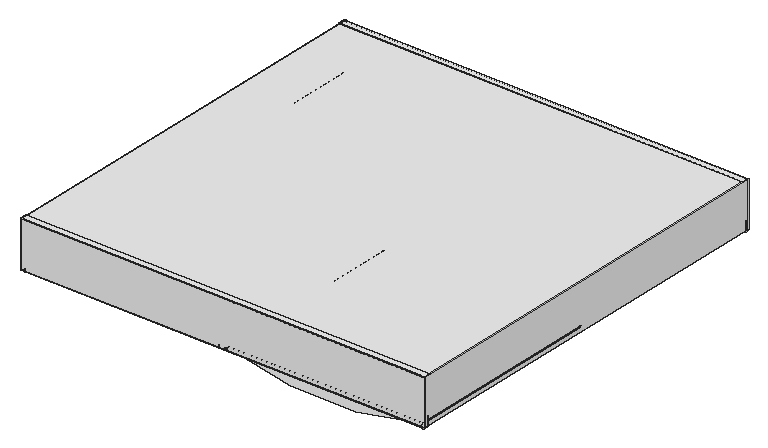
Revit family "WAVE4x4", category Lighting Fixtures, host Ceiling, Revit 2019
Family settings
  Host = Ceiling
  Round Connector Dimension = Use Diameter
  Part Type = Normal
  OmniClass Number = 23.80.70.11.14.17
  OmniClass Title = Direct/Indirect
  Always vertical = Yes
  Cut with Voids When Loaded = No
  Light Source = Yes
  Shared = No
  Room Calculation Point = No
Parameters (values of type "WAVEW4X4-LED840K140LUNV")
  Width = 3' - 11 3/4"
  Wattage = 101 W
  built-in parameter 1150110 = 1 (stored number, unit not read)
  Voltage = 120 V
  URL = "https://www.viscor.com/en/products/wave"
  built-in parameter 1114217 = 0.9 (stored number, unit not read)
  Tilt Angle = 90.00°
  built-in parameter 1150109 = 1 (stored number, unit not read)
  built-in parameter 1150134 = 12
  built-in parameter 1150113 = 1 (stored number, unit not read)
  Photometric Web File = "WAVEW4X4-LED840K140LUNV.ies"
  Model = "WAVE"  # constant formula
  Manufacturer = "VISIONEERING by VISCOR"  # constant formula
  Lumens = 14140 lm
  built-in parameter 1150115 = 1 (stored number, unit not read)
  built-in parameter 1150105 = 1125.2 (stored number, unit not read)
  built-in parameter 1150137 = (empty or 0)
  built-in parameter 1150139 = (empty or 0)
  Lens Finish = Acrylic - Viscor - Opal White Square
  Lens Depth = 0' - 0 7/32"
  Length = 3' - 11 3/4"
  Lamp Wattage = 101 VA
  built-in parameter 1150112 = 1 (stored number, unit not read)
  built-in parameter 1150114 = 1 (stored number, unit not read)
  Lamp = "LED"  # constant formula
  built-in parameter 1150132 = (empty or 0)
  built-in parameter 1150102 = (empty or 0)
  built-in parameter 1150138 = (empty or 0)
  built-in parameter 1150107 = 4000 (stored number, unit not read)
  built-in parameter 1150106 = 11.252 (stored number, unit not read)
  Housing Finish = Metal - Viscor - White
  Emit from Rectangle Width = Width  # 3' - 11 3/4"
  Emit from Rectangle Length = Length  # 3' - 11 3/4"
  Emit from Rectangle Height = Lens Depth  # 0' - 0 7/32"
  Emit Shape Visible in Rendering = no
  built-in parameter 1150104 = 13.006 (stored number, unit not read)
  Dimming Lamp Color Temperature Shift = <None>
  Description = "Architectural Recessed Troffer with Concave and Convex lens"  # constant formula
  Color Filter = 16777215
  built-in parameter 1114218 = 1 (stored number, unit not read)
  built-in parameter 1150133 = 10 (stored number, unit not read)
  Assembly Code = "D5020200"
  Apparent Load = Lamp Wattage  # 101 VA
Types (6): name | Wattage | Photometric Web File | Lumens | built-in parameter 1150105 | Lamp Wattage | built-in parameter 1150106 | built-in parameter 1150104 | Apparent Load
  (no name) | 101 W | "WAVEW4X4-LED840K140LUNV.ies" | 14140 lm | 1125.2 (stored number, unit not read) | 101 VA | 11.252 (stored number, unit not read) | 13.006 (stored number, unit not read) | 101 VA
  WAVEW4X4-LED840K050LUNV | 37 W | "WAVEW4X4-LED840K050LUNV.ies" | 5106 lm | 406.32 (stored number, unit not read) | 37 VA | 4.0632 (stored number, unit not read) | 12.821 (stored number, unit not read) | 37 VA
  WAVEW4X4-LED840K080LUNV | 57 W | "WAVEW4X4-LED840K080LUNV.ies" | 7980 lm | 635.03 (stored number, unit not read) | 57 VA | 6.3503 (stored number, unit not read) | 13.006 (stored number, unit not read) | 57 VA
  WAVEW4X4-LED840K100LUNV | 74 W | "WAVEW4X4-LED840K100LUNV.ies" | 10434 lm | 830.31 (stored number, unit not read) | 74 VA | 8.3031 (stored number, unit not read) | 13.099 (stored number, unit not read) | 74 VA
  WAVEW4X4-LED840K120LUNV | 87 W | "WAVEW4X4-LED840K120LUNV.ies" | 12267 lm | 976.18 (stored number, unit not read) | 87 VA | 9.7618 (stored number, unit not read) | 13.099 (stored number, unit not read) | 87 VA
  WAVEW4X4-LED840K140LUNV | 101 W | "WAVEW4X4-LED840K140LUNV.ies" | 14140 lm | 1125.2 (stored number, unit not read) | 101 VA | 11.252 (stored number, unit not read) | 13.006 (stored number, unit not read) | 101 VA
Reference planes (in)
  plane 1 "Light Source Axis (F/B)": y = 0
  plane 2 "Ceiling": z = 96
  plane 3 "Light Source Axis (L/R)": x = 0
  plane 4 "Light Source Elevation": z = 95.78125
  plane 5: y = 23.875
  plane 6: y = -23.875
  plane 7: x = -23.875
  plane 8: x = 23.875
  plane 9 "Lens Depth": z = 95.78125
  plane 10: x = -23.465
  plane 11: x = 23.465
  plane 12: y = 23.345
  plane 13: y = -23.345
  plane 14: y = 23.844
  plane 15: y = -23.844
Forms (in)
  Extrusion 1, solid, material "Metal - Viscor - White" <- "Housing Finish"
    sketch origin (0, 0, 0) x (0, 1, 0) y (0, 0, 1)
      loop
        line (23.806, 101.5) -> (23.125, 101.5) -> (23.125, 101.46875) -> (23.806, 101.46875)
        arc (23.806, 101.46875) -> (23.83269, 101.45769) -> (23.84375, 101.431) r 0.03775
        line (23.84375, 101.431) -> (23.84375, 96.069)
        arc (23.84375, 96.069) -> (23.83269, 96.04231) -> (23.806, 96.03125) r 0.03775
        line (23.806, 96.03125) -> (23.534, 96.03125)
        arc (23.534, 96.03125) -> (23.50731, 96.04231) -> (23.49625, 96.069) r 0.03775
        line (23.49625, 96.069) -> (23.49625, 97.18621) -> (23.465, 97.18621) -> (23.465, 96.069)
        arc (23.465, 96.069) -> (23.48521, 96.02021) -> (23.534, 96) r 0.069
        line (23.534, 96) -> (23.806, 96)
        arc (23.806, 96) -> (23.85479, 96.02021) -> (23.875, 96.069) r 0.069
        line (23.875, 96.069) -> (23.875, 101.431)
        arc (23.875, 101.431) -> (23.85479, 101.47979) -> (23.806, 101.5) r 0.069
    from -23.875 to 23.875
  Extrusion 2, solid, material "Metal - Viscor - White" <- "Housing Finish"
    sketch origin (0, 0, 0) x (0, -1, 0) y (0, 0, -1)
      loop
        arc (23.806, -101.5) -> (23.85479, -101.47979) -> (23.875, -101.431) r 0.069
        line (23.875, -101.431) -> (23.875, -96.069)
        arc (23.875, -96.069) -> (23.85479, -96.02021) -> (23.806, -96) r 0.069
        line (23.806, -96) -> (23.534, -96)
        arc (23.534, -96) -> (23.48521, -96.02021) -> (23.465, -96.069) r 0.069
        line (23.465, -96.069) -> (23.465, -97.18621) -> (23.49625, -97.18621) -> (23.49625, -96.069)
        arc (23.49625, -96.069) -> (23.50731, -96.04231) -> (23.534, -96.03125) r 0.03775
        line (23.534, -96.03125) -> (23.806, -96.03125)
        arc (23.806, -96.03125) -> (23.83269, -96.04231) -> (23.84375, -96.069) r 0.03775
        line (23.84375, -96.069) -> (23.84375, -101.431)
        arc (23.84375, -101.431) -> (23.83269, -101.45769) -> (23.806, -101.46875) r 0.03775
        line (23.806, -101.46875) -> (23.125, -101.46875) -> (23.125, -101.5) -> (23.806, -101.5)
    from -23.875 to 23.875
  Extrusion 3, solid, material "Metal - Viscor - White" <- "Housing Finish"
    sketch origin (0, 0, 0) x (1, 0, 0) y (0, 0, 1)
      loop
        line (-23.315, 96.405) -> (-23.34625, 96.405) -> (-23.34625, 96.099)
        arc (-23.34625, 96.099) -> (-23.35731, 96.07231) -> (-23.384, 96.06125) r 0.03775
        line (-23.384, 96.06125) -> (-23.776, 96.06125)
        arc (-23.776, 96.06125) -> (-23.80269, 96.07231) -> (-23.81375, 96.099) r 0.03775
        line (-23.81375, 96.099) -> (-23.81375, 101.401)
        arc (-23.81375, 101.401) -> (-23.80269, 101.42769) -> (-23.776, 101.43875) r 0.03775
        line (-23.776, 101.43875) -> (23.776, 101.43875)
        arc (23.776, 101.43875) -> (23.80269, 101.42769) -> (23.81375, 101.401) r 0.03775
        line (23.81375, 101.401) -> (23.81375, 96.099)
        arc (23.81375, 96.099) -> (23.80269, 96.07231) -> (23.776, 96.06125) r 0.03775
        line (23.776, 96.06125) -> (23.384, 96.06125)
        arc (23.384, 96.06125) -> (23.35731, 96.07231) -> (23.34625, 96.099) r 0.03775
        line (23.34625, 96.099) -> (23.34625, 96.405) -> (23.315, 96.405) -> (23.315, 96.099)
        arc (23.315, 96.099) -> (23.33521, 96.05021) -> (23.384, 96.03) r 0.069
        line (23.384, 96.03) -> (23.776, 96.03)
        arc (23.776, 96.03) -> (23.82479, 96.05021) -> (23.845, 96.099) r 0.069
        line (23.845, 96.099) -> (23.845, 101.401)
        arc (23.845, 101.401) -> (23.82479, 101.44979) -> (23.776, 101.47) r 0.069
        line (23.776, 101.47) -> (-23.776, 101.47)
        arc (-23.776, 101.47) -> (-23.82479, 101.44979) -> (-23.845, 101.401) r 0.069
        line (-23.845, 101.401) -> (-23.845, 96.099)
        arc (-23.845, 96.099) -> (-23.82479, 96.05021) -> (-23.776, 96.03) r 0.069
        line (-23.776, 96.03) -> (-23.384, 96.03)
        arc (-23.384, 96.03) -> (-23.33521, 96.05021) -> (-23.315, 96.099) r 0.069
        line (-23.315, 96.099) -> (-23.315, 96.405)
    from -23.844 to 23.844
  Extrusion 4, solid, material "Metal - Viscor - White" <- "Housing Finish"
    sketch origin (0, 0, 0) x (1, 0, 0) y (0, 0, 1)
      loop
        arc (-0.5, 96.104) -> (-0.47979, 96.05521) -> (-0.431, 96.035) r 0.069
        line (-0.431, 96.035) -> (0.431, 96.035)
        arc (0.431, 96.035) -> (0.47979, 96.05521) -> (0.5, 96.104) r 0.069
        line (0.5, 96.104) -> (0.5, 96.41) -> (0.46875, 96.41) -> (0.46875, 96.104)
        arc (0.46875, 96.104) -> (0.45769, 96.07731) -> (0.431, 96.06625) r 0.03775
        line (0.431, 96.06625) -> (-0.431, 96.06625)
        arc (-0.431, 96.06625) -> (-0.45769, 96.07731) -> (-0.46875, 96.104) r 0.03775
        line (-0.46875, 96.104) -> (-0.46875, 96.41) -> (-0.5, 96.41) -> (-0.5, 96.104)
    from -23.844 to 23.844
  Extrusion 5, solid, material "Acrylic - Viscor - Opal White Square" <- "Lens Finish"
    sketch origin (0, 0, 0) x (1, 0, 0) y (0, 0, 1)
      loop
        arc (-23.30954, 96.41616) -> (-11.9, 94.73) -> (-0.49046, 96.41616) r 39.44485
        arc (-0.49046, 96.41616) -> (-0.46506, 96.41518) -> (-0.44565, 96.39875) r 0.039
        line (-0.44565, 96.39875) -> (-0.36587, 96.26446)
        arc (-0.36587, 96.26446) -> (-0.3168, 96.24037) -> (-0.275, 96.2756) r 0.05
        line (-0.275, 96.2756) -> (-0.20835, 96.49723)
        arc (-0.20835, 96.49723) -> (-0.18456, 96.52257) -> (-0.15, 96.51886) r 0.039
        line (-0.15, 96.51886) -> (-0.15, 96.57224) -> (-23.65, 96.57224) -> (-23.65, 96.51886)
        arc (-23.65, 96.51886) -> (-23.61544, 96.52257) -> (-23.59165, 96.49723) r 0.039
        line (-23.59165, 96.49723) -> (-23.525, 96.2756)
        arc (-23.525, 96.2756) -> (-23.4832, 96.24037) -> (-23.43413, 96.26446) r 0.05
        line (-23.43413, 96.26446) -> (-23.35435, 96.39875)
        arc (-23.35435, 96.39875) -> (-23.33494, 96.41518) -> (-23.30954, 96.41616) r 0.039
    from -23.345 to -0.5
  Extrusion 6, solid, material "Acrylic - Viscor - Opal White Square" <- "Lens Finish"
    sketch origin (0, 0, 0) x (1, 0, 0) y (0, 0, 1)
      loop
        arc (23.34041, 96.48255) -> (11.9, 97.265) -> (0.45959, 96.48255) r 84.02756
        line (0.45959, 96.48255) -> (0.21723, 96.44924) -> (0.22267, 96.40961) -> (0.46504, 96.44292)
        arc (0.46504, 96.44292) -> (11.9, 97.225) -> (23.33496, 96.44292) r 83.98756
        line (23.33496, 96.44292) -> (23.64167, 96.40077) -> (23.64712, 96.4404) -> (23.34041, 96.48255)
    from -23.345 to -0.5
  Extrusion 7, solid, material "Metal - Viscor - White" <- "Housing Finish"
    sketch origin (37.25, 0, -0.005) x (0, -1, 0) y (0, 0, 1)
      loop
        arc (-0.5, 96.104) -> (-0.47979, 96.05521) -> (-0.431, 96.035) r 0.069
        line (-0.431, 96.035) -> (0.431, 96.035)
        arc (0.431, 96.035) -> (0.47979, 96.05521) -> (0.5, 96.104) r 0.069
        line (0.5, 96.104) -> (0.5, 96.41) -> (0.46875, 96.41) -> (0.46875, 96.104)
        arc (0.46875, 96.104) -> (0.45769, 96.07731) -> (0.431, 96.06625) r 0.03775
        line (0.431, 96.06625) -> (-0.431, 96.06625)
        arc (-0.431, 96.06625) -> (-0.45769, 96.07731) -> (-0.46875, 96.104) r 0.03775
        line (-0.46875, 96.104) -> (-0.46875, 96.41) -> (-0.5, 96.41) -> (-0.5, 96.104)
    from 13.785 to 36.75
  Extrusion 8, solid, material "Metal - Viscor - White" <- "Housing Finish"
    sketch origin (-37.25, 0, -0.005) x (0, -1, 0) y (0, 0, -1)
      loop
        line (-0.5, -96.104) -> (-0.5, -96.41) -> (-0.46875, -96.41) -> (-0.46875, -96.104)
        arc (-0.46875, -96.104) -> (-0.45769, -96.07731) -> (-0.431, -96.06625) r 0.03775
        line (-0.431, -96.06625) -> (0.431, -96.06625)
        arc (0.431, -96.06625) -> (0.45769, -96.07731) -> (0.46875, -96.104) r 0.03775
        line (0.46875, -96.104) -> (0.46875, -96.41) -> (0.5, -96.41) -> (0.5, -96.104)
        arc (0.5, -96.104) -> (0.47979, -96.05521) -> (0.431, -96.035) r 0.069
        line (0.431, -96.035) -> (-0.431, -96.035)
        arc (-0.431, -96.035) -> (-0.47979, -96.05521) -> (-0.5, -96.104) r 0.069
    from 13.785 to 36.75
  Extrusion 9, solid, material "Acrylic - Viscor - Opal White Square" <- "Lens Finish"
    sketch origin (0, 0, 0) x (-1, 0, 0) y (0, 0, -1)
      loop
        arc (-23.30954, -96.41616) -> (-23.33494, -96.41518) -> (-23.35435, -96.39875) r 0.039
        line (-23.35435, -96.39875) -> (-23.43413, -96.26446)
        arc (-23.43413, -96.26446) -> (-23.4832, -96.24037) -> (-23.525, -96.2756) r 0.05
        line (-23.525, -96.2756) -> (-23.59165, -96.49723)
        arc (-23.59165, -96.49723) -> (-23.61544, -96.52257) -> (-23.65, -96.51886) r 0.039
        line (-23.65, -96.51886) -> (-23.65, -96.57224) -> (-0.15, -96.57224) -> (-0.15, -96.51886)
        arc (-0.15, -96.51886) -> (-0.18456, -96.52257) -> (-0.20835, -96.49723) r 0.039
        line (-0.20835, -96.49723) -> (-0.275, -96.2756)
        arc (-0.275, -96.2756) -> (-0.3168, -96.24037) -> (-0.36587, -96.26446) r 0.05
        line (-0.36587, -96.26446) -> (-0.44565, -96.39875)
        arc (-0.44565, -96.39875) -> (-0.46506, -96.41518) -> (-0.49046, -96.41616) r 0.039
        arc (-0.49046, -96.41616) -> (-11.9, -94.73) -> (-23.30954, -96.41616) r 39.44485
    from 0.5 to 23.844
  Extrusion 10, solid, material "Acrylic - Viscor - Opal White Square" <- "Lens Finish"
    sketch origin (0, 0, 0) x (-1, 0, 0) y (0, 0, -1)
      loop
        line (23.34041, -96.48255) -> (23.64712, -96.4404) -> (23.64167, -96.40077) -> (23.33496, -96.44292)
        arc (23.33496, -96.44292) -> (11.9, -97.225) -> (0.46504, -96.44292) r 83.98756
        line (0.46504, -96.44292) -> (0.22267, -96.40961) -> (0.21723, -96.44924) -> (0.45959, -96.48255)
        arc (0.45959, -96.48255) -> (11.9, -97.265) -> (23.34041, -96.48255) r 84.02756
    from 0.46875 to 23.345
Dimensions and locks (in)
  equal spacing: host sketch curve, plane 3 "Light Source Axis (L/R)", host sketch curve
  equal spacing: host sketch curve, plane 1 "Light Source Axis (F/B)", host sketch curve
  host sketch curve to host sketch curve = 10' - 0"  (x2)
  equal spacing: plane 7, plane 3 "Light Source Axis (L/R)", plane 8
  "Length": plane 7 to plane 8
  equal spacing: plane 5, plane 1 "Light Source Axis (F/B)", plane 6
  "Width": plane 5 to plane 6
  "Emit from Rectangle Height": plane 4 "Light Source Elevation" to plane 2 "Ceiling"
  "Lens Depth": plane 2 "Ceiling" to plane 9 "Lens Depth"
  locked: plane 10 to plane 7 at 0.41
  locked: plane 11 to plane 8 at 0.41
  locked: plane 12 to plane 5 at 0.53
  plane 6 to plane 13 to plane 1 "Light Source Axis (F/B)" = 0' - 0.53" locked, 1' - 11.345"
  locked: plane 14 to plane 5 at 0.031
  locked: plane 15 to plane 6 at 0.031
  aligned and locked: plane 3 "Light Source Axis (L/R)" to imposter light
  aligned and locked: plane 1 "Light Source Axis (F/B)" to imposter light
  aligned and locked: plane 4 "Light Source Elevation" to imposter light
  aligned and locked: Extrusion 1 to plane 7
  aligned and locked: plane 8 to Extrusion 1
  aligned and locked: Extrusion 2 to plane 7
  aligned and locked: plane 8 to Extrusion 2
  aligned and locked: Extrusion 3 to plane 15
  aligned and locked: plane 14 to Extrusion 3
  aligned and locked: Extrusion 4 to plane 15
  aligned and locked: plane 14 to Extrusion 4
  aligned and locked: Extrusion 5 to plane 12
  aligned and locked: Extrusion 6 to plane 12
  aligned and locked: plane 11 to Extrusion 7
  aligned and locked: Extrusion 7 to Extrusion 4
  aligned and locked: Extrusion 8 to plane 10
  aligned and locked: Extrusion 8 to Extrusion 4
  aligned and locked: Extrusion 6 to Extrusion 7
  aligned and locked: Extrusion 5 to Extrusion 8
  aligned and locked: Extrusion 9 to Extrusion 7
  aligned and locked: Extrusion 9 to plane 15
  aligned and locked: Extrusion 10 to Extrusion 8
  aligned and locked: Extrusion 10 to plane 13
Automatic sketch dimensions
  Extrusion 1 sketch curve to Extrusion 1 sketch curve = 0' - 0"  (x6)
  Extrusion 1 sketch curve to plane 2 "Ceiling" = 0' - 0"
  Extrusion 1 sketch curve to plane 5 = 0' - 0"
  Extrusion 1 sketch curve to plane 14 = 0' - 0.00025"
  Extrusion 1 sketch curve to plane 14 = 0' - 0.038"  (x2)
  plane 12 to Extrusion 1 sketch curve = 0' - 0.189"
  plane 12 to Extrusion 1 sketch curve = 0' - 0.15125"
  Extrusion 1 sketch curve to plane 12 = 0' - 0.22"
  Extrusion 1 sketch curve to Extrusion 1 sketch curve = 0' - 1 15/128"
  Extrusion 1 sketch curve to Extrusion 1 sketch curve = 0' - 4.24479"
  Extrusion 2 sketch curve to Extrusion 2 sketch curve = 0' - 0"  (x6)
  Extrusion 2 sketch curve to plane 2 "Ceiling" = 0' - 0"
  Extrusion 2 sketch curve to plane 6 = 0' - 0"
  Extrusion 2 sketch curve to plane 15 = 0' - 0.00025"
  Extrusion 2 sketch curve to plane 15 = 0' - 0.038"  (x2)
  plane 13 to Extrusion 2 sketch curve = 0' - 0.189"
  plane 13 to Extrusion 2 sketch curve = 0' - 0.15125"
  Extrusion 2 sketch curve to plane 13 = 0' - 0.22"
  Extrusion 2 sketch curve to Extrusion 2 sketch curve = 0' - 1 15/128"
  Extrusion 2 sketch curve to Extrusion 2 sketch curve = 0' - 4.24479"
  Extrusion 3 sketch curve to Extrusion 3 sketch curve = 0' - 0"  (x12)
  plane 7 to Extrusion 3 sketch curve = 0' - 0.03"
  Extrusion 3 sketch curve to Extrusion 3 sketch curve = 0' - 0 1/32"
  Extrusion 3 sketch curve to Extrusion 3 sketch curve = 0' - 0.03775"  (x4)
  plane 2 "Ceiling" to Extrusion 3 sketch curve = 0' - 0.03"  (x2)
  plane 10 to Extrusion 3 sketch curve = 0' - 0.081"
  plane 10 to Extrusion 3 sketch curve = 0' - 0.11875"
  Extrusion 3 sketch curve to plane 11 = 0' - 0.15"
  Extrusion 3 sketch curve to plane 8 = 0' - 0.099"  (x2)
  Extrusion 3 sketch curve to Extrusion 3 sketch curve = 0' - 0.306"  (x2)
  Extrusion 3 sketch curve to Extrusion 3 sketch curve = 0' - 4.996"
  Extrusion 4 sketch curve to Extrusion 4 sketch curve = 0' - 0"  (x4)
  plane 2 "Ceiling" to Extrusion 4 sketch curve = 0' - 0.104"
  Extrusion 4 sketch curve to plane 3 "Light Source Axis (L/R)" = 0' - 0 1/2"
  Extrusion 4 sketch curve to Extrusion 4 sketch curve = 0' - 0 1/32"
  plane 2 "Ceiling" to Extrusion 4 sketch curve = 0' - 0.035"
  plane 3 "Light Source Axis (L/R)" to Extrusion 4 sketch curve = 0' - 0.431"
  Extrusion 4 sketch curve to Extrusion 4 sketch curve = 0' - 0.03775"
  Extrusion 4 sketch curve to Extrusion 4 sketch curve = 0' - 0.306"  (x2)
  Extrusion 5 sketch curve to plane 10 = 0' - 0.185"
  Extrusion 5 sketch curve to Extrusion 5 sketch curve = 0' - 0.021"  (x2)
  Extrusion 5 sketch curve to Extrusion 5 sketch curve = 0' - 0.03735"  (x2)
  Extrusion 5 sketch curve to plane 10 = 0' - 0.06"
  Extrusion 5 sketch curve to plane 10 = 0' - 0.01212"
  plane 10 to Extrusion 5 sketch curve = 0' - 0.03087"
  plane 10 to Extrusion 5 sketch curve = 0' - 0.11065"
  Extrusion 5 sketch curve to Extrusion 5 sketch curve = 0' - 0.03353"  (x2)
  plane 10 to Extrusion 5 sketch curve = 0' - 11.565"
  Extrusion 5 sketch curve to plane 3 "Light Source Axis (L/R)" = 0' - 0.47918"
  Extrusion 5 sketch curve to Extrusion 5 sketch curve = 0' - 0.07979"
  Extrusion 5 sketch curve to Extrusion 5 sketch curve = 0' - 0 11/256"
  Extrusion 5 sketch curve to Extrusion 5 sketch curve = 0' - 0.04788"
  Extrusion 5 sketch curve to plane 3 "Light Source Axis (L/R)" = 0' - 0.20835"
  plane 2 "Ceiling" to Extrusion 5 sketch curve = 0' - 0.26446"  (x2)
  Extrusion 5 sketch curve to Extrusion 5 sketch curve = 0' - 0.01114"  (x2)
  Extrusion 5 sketch curve to Extrusion 5 sketch curve = 0' - 0.11437"  (x2)
  Extrusion 5 sketch curve to Extrusion 5 sketch curve = 0' - 0.01992"  (x2)
  Extrusion 5 sketch curve to Extrusion 5 sketch curve = 0' - 0.2104"  (x2)
  Extrusion 5 sketch curve to Extrusion 5 sketch curve = 0' - 0.01123"  (x2)
  Extrusion 5 sketch curve to Extrusion 5 sketch curve = 0' - 0.05338"
  plane 2 "Ceiling" to Extrusion 5 sketch curve = 3' - 2.17485"
  Extrusion 5 sketch curve to Extrusion 5 sketch curve = 0' - 0"
  Extrusion 6 sketch curve to Extrusion 6 sketch curve = 0' - 0"  (x2)
  plane 3 "Light Source Axis (L/R)" to Extrusion 6 sketch curve = 0' - 0.21723"
  Extrusion 6 sketch curve to Extrusion 6 sketch curve = 0' - 0.00545"  (x4)
  Extrusion 6 sketch curve to Extrusion 6 sketch curve = 0' - 0.24236"
  Extrusion 6 sketch curve to plane 11 = 0' - 11.565"
  Extrusion 6 sketch curve to plane 11 = 0' - 0.13004"
  plane 11 to Extrusion 6 sketch curve = 0' - 0.17667"
  level to Extrusion 6 sketch curve = 1' - 1.23744"
  plane 2 "Ceiling" to Extrusion 6 sketch curve = 0' - 0.40077"
  plane 2 "Ceiling" to Extrusion 6 sketch curve = 0' - 0.40961"
  Extrusion 7 sketch curve to Extrusion 7 sketch curve = 0' - 0"  (x4)
  plane 2 "Ceiling" to Extrusion 7 sketch curve = 0' - 0.099"
  Extrusion 7 sketch curve to plane 1 "Light Source Axis (F/B)" = 0' - 0 1/2"
  Extrusion 7 sketch curve to Extrusion 7 sketch curve = 0' - 0 1/32"
  plane 2 "Ceiling" to Extrusion 7 sketch curve = 0' - 0.03"
  plane 1 "Light Source Axis (F/B)" to Extrusion 7 sketch curve = 0' - 0.431"
  Extrusion 7 sketch curve to Extrusion 7 sketch curve = 0' - 0.03775"
  Extrusion 7 sketch curve to Extrusion 7 sketch curve = 0' - 0.306"  (x2)
  Extrusion 8 sketch curve to Extrusion 8 sketch curve = 0' - 0"  (x4)
  plane 2 "Ceiling" to Extrusion 8 sketch curve = 0' - 0.099"
  Extrusion 8 sketch curve to plane 1 "Light Source Axis (F/B)" = 0' - 0 1/2"
  Extrusion 8 sketch curve to Extrusion 8 sketch curve = 0' - 0 1/32"
  plane 2 "Ceiling" to Extrusion 8 sketch curve = 0' - 0.03"
  plane 1 "Light Source Axis (F/B)" to Extrusion 8 sketch curve = 0' - 0.431"
  Extrusion 8 sketch curve to Extrusion 8 sketch curve = 0' - 0.03775"
  Extrusion 8 sketch curve to Extrusion 8 sketch curve = 0' - 0.306"  (x2)
  Extrusion 9 sketch curve to plane 11 = 0' - 0.185"
  Extrusion 9 sketch curve to Extrusion 9 sketch curve = 0' - 0.021"  (x2)
  Extrusion 9 sketch curve to Extrusion 9 sketch curve = 0' - 0.03735"  (x2)
  Extrusion 9 sketch curve to plane 11 = 0' - 0.06"
  Extrusion 9 sketch curve to plane 11 = 0' - 0.01212"
  plane 11 to Extrusion 9 sketch curve = 0' - 0.03087"
  plane 11 to Extrusion 9 sketch curve = 0' - 0.11065"
  Extrusion 9 sketch curve to Extrusion 9 sketch curve = 0' - 0.03353"  (x2)
  plane 11 to Extrusion 9 sketch curve = 0' - 11.565"
  Extrusion 9 sketch curve to plane 3 "Light Source Axis (L/R)" = 0' - 0.47918"
  Extrusion 9 sketch curve to Extrusion 9 sketch curve = 0' - 0.07979"
  Extrusion 9 sketch curve to Extrusion 9 sketch curve = 0' - 0 11/256"
  Extrusion 9 sketch curve to Extrusion 9 sketch curve = 0' - 0.04788"
  Extrusion 9 sketch curve to plane 3 "Light Source Axis (L/R)" = 0' - 0.20835"
  Extrusion 9 sketch curve to plane 2 "Ceiling" = 0' - 0.26446"  (x2)
  Extrusion 9 sketch curve to Extrusion 9 sketch curve = 0' - 0.01114"  (x2)
  Extrusion 9 sketch curve to Extrusion 9 sketch curve = 0' - 0.11437"  (x2)
  Extrusion 9 sketch curve to Extrusion 9 sketch curve = 0' - 0.01992"  (x2)
  Extrusion 9 sketch curve to Extrusion 9 sketch curve = 0' - 0.2104"  (x2)
  Extrusion 9 sketch curve to Extrusion 9 sketch curve = 0' - 0.01123"  (x2)
  Extrusion 9 sketch curve to Extrusion 9 sketch curve = 0' - 0.05338"
  Extrusion 9 sketch curve to plane 2 "Ceiling" = 3' - 2.17485"
  Extrusion 9 sketch curve to Extrusion 9 sketch curve = 0' - 0"
  Extrusion 10 sketch curve to Extrusion 10 sketch curve = 0' - 0"  (x2)
  plane 3 "Light Source Axis (L/R)" to Extrusion 10 sketch curve = 0' - 0.21723"
  Extrusion 10 sketch curve to Extrusion 10 sketch curve = 0' - 0.00545"  (x4)
  Extrusion 10 sketch curve to Extrusion 10 sketch curve = 0' - 0.24236"
  Extrusion 10 sketch curve to plane 10 = 0' - 11.565"
  Extrusion 10 sketch curve to plane 10 = 0' - 0.13004"
  plane 10 to Extrusion 10 sketch curve = 0' - 0.17667"
  Extrusion 10 sketch curve to level = 1' - 1.23744"
  Extrusion 10 sketch curve to plane 2 "Ceiling" = 0' - 0.40077"
  Extrusion 10 sketch curve to plane 2 "Ceiling" = 0' - 0.40961"
Connectors (in)
  electrical at (0, 0, 96), driven by "Voltage", driven by "Apparent Load"
    settings: index 1, voltage 120 V, apparent load 0 VA, apparent load phase1 101 VA, apparent load phase2 0 VA, apparent load phase3 0 VA, power factor 1, load classification "Other", number of poles 1, system type 31, power factor state 1, is connector primary yes, connector utility no, sub classification motor no, connector description ""
